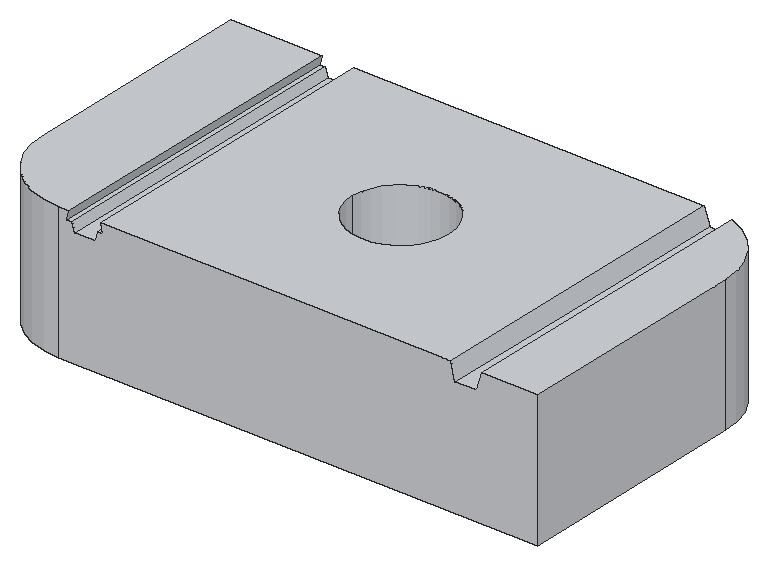
Revit family "CS20", category Generic Models, Revit 2017
Family settings
  Can host rebar = No
  Round Connector Dimension = Use Diameter
  Part Type = Normal
  Work Plane-Based = Yes
  Always vertical = No
  Cut with Voids When Loaded = No
  Shared = No
  Room Calculation Point = No
Parameters (values of type "NBS Standard Parameters")
  Weight = "0.0268Kg"
  WarrantyStartDate [instance] = "1900-12-31T23:59:59"
  WarrantyGuarantorParts = "n/a"
  WarrantyGuarantorLabor = "n/a"
  WarrantyDurationUnit = "year"
  WarrantyDurationParts = "n/a"
  WarrantyDurationLabor = "n/a"
  WarrantyDescription = "n/a"
  Version = "1"
  Uniclass2 = "Pr_65_70_11_19"
  TagNumber [instance] = "n/a"
  SustainabilityPerformance = "n/a"
  Size = "M6"
  Shape = "Rectangular"
  SerialNumber [instance] = "n/a"
  Revision = "n/a"
  ReplacementCost = "n/a"
  ProductInformation = ""
  NominalWidth = 19.5 mm
  NominalLength = 34.5 mm
  NominalHeight = 6 mm
  Name = ""
  NBSTypeID = ""
  NBSReference = "90-55-10/305"
  NBSOfficeMasterTag = ""
  NBSNote = ""
  NBSDescription = "Channel Cable Supports"
  NBSCertification = ""
  ModelReference = "CS20"
  ModelNumber = "n/a"
  Material = "Steel"
  ManufacturerURL = "www.metpro.co.uk"
  ManufacturerName = "Metpro Ltd"
  InstallationDate [instance] = "1900-12-31T23:59:59"
  IfcExportType = ""
  IfcExportAs = ""
  Grade = "n/a"
  Finish = "BZP"
  Features = "n/a"
  ExpectedLife = "n/a"
  DurationUnit = "year"
  Description = "NBS standard template"
  Default Elevation = 1219.2 mm
  Constituents = "n/a"
  Color = "n/a"
  CodePerformance = "n/a"
  Category = "n/a"
  BarCode [instance] = "n/a"
  BIMObjectName = "Role_Source_Type_Generic"
  Author = "Metpro limited"
  AssetType = ""
  AssetIdentifier [instance] = "n/a"
  AccessibilityPerformance = "n/a"
Reference planes
  plane 1 "Center (Front/Back)": y = 0
  plane 2: z = 0
  plane 3 "Center (Left/Right)": x = 0
Forms (mm)
  Extrusion 1, solid
    sketch origin (10.479, 2.503, -5.403) x (-0.173648, 0, -0.984808) y (-0.984808, 0, 0.173648)
      loop
        line (0.158, -0.256) -> (-1.146, 1.606) -> (-1.587, -0.891) -> (0.158, -0.256)
    from 0 to 0.704
  Extrusion 2, solid
    sketch origin (11.632, 2.503, -3.995) x (-1, 0, 0) y (0, -1, 0)
      loop
        line (-17.868, -9.846) -> (11.632, -9.846) -> (11.632, 4.654)
        arc (11.632, 4.654) -> (10.168, 8.189) -> (6.632, 9.654) r 5
        line (6.632, 9.654) -> (-22.868, 9.654) -> (-22.868, -4.846)
        arc (-22.868, -4.846) -> (-21.403, -8.382) -> (-17.868, -9.846) r 5
      loop
        circle (-6.725, 0) r 3
    from -2.362 to 5.968
  Blend 3, void
    base sketch origin (11.632, 2.503, 1.972) x (0, -1, 0) y (1, 0, 0)
      loop
        line (10.616, -4.351) -> (-11.971, -4.351) -> (-11.971, -5.663) -> (10.616, -5.663) -> (10.616, -4.351)
    top sketch origin (11.632, 2.503, 1.972) x (0, -1, 0) y (1, 0, 0)
      loop
        line (10.616, -3.927) -> (-11.971, -3.927) -> (-11.971, -6.171) -> (10.616, -6.171) -> (10.616, -3.927)
    from 1.069 to -0.53
  Extrusion 4, void
    sketch origin (-0.5, -7.151, -3.995) x (-1, 0, 0) y (0, 0, 1)
      loop
        line (-31.585, 5.968) -> (-31.246, 4.898) -> (-29.933, 4.898) -> (-29.65, 5.968) -> (-31.585, 5.968)
      loop
        line (-8.065, 5.968) -> (-7.782, 4.898) -> (-6.469, 4.898) -> (-6.129, 5.968) -> (-8.065, 5.968)
    from 0 to 24.124
Cuts and joins
  Blend 3, Extrusion 4 cuts Extrusion 2
Dimensions and locks
  aligned and locked: level to plane 2
